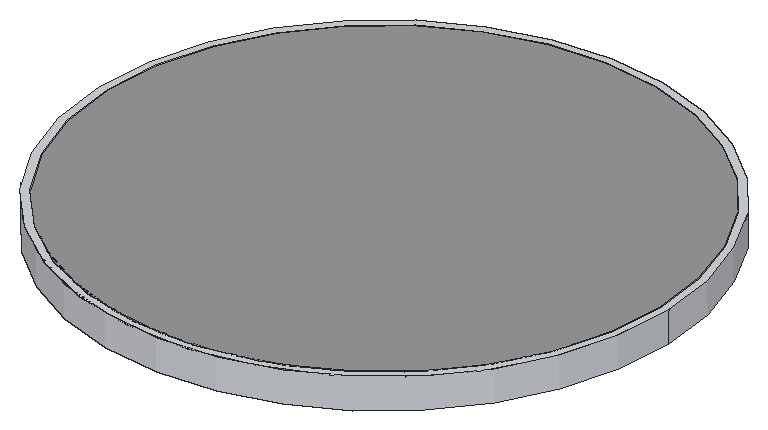
Revit family "2071286", category Lighting Fixtures, host Face, Revit 2018
Family settings
  Host = Face
  Round Connector Dimension = Use Diameter
  Part Type = Junction Box
  OmniClass Number = 23.80.70.00
  OmniClass Title = Lighting
  Cut with Voids When Loaded = No
  Light Source = Yes
  Shared = No
  Room Calculation Point = No
Parameters (values of type "2071286 COLOSSAL 1200 830 PR DIR WHT DALI EM")
  iner diameter = 1168 mm
  Weight = "n/a"
  Wattage Comments = ""
  Wattage = 30 W
  WarrantyStartDate [instance] = "n/a"
  WarrantyGuarantorParts = "n/a"
  WarrantyDurationUnit = "n/a"
  WarrantyDurationParts = ""
  WarrantyDescription = "http://www.sylvania-lighting.com"
  built-in parameter 1150110 = 1 (stored number, unit not read)
  Voltage = 230 V
  URL = "0.95"
  TypeName = "COLOSSAL 1200mm 830 PRISM DIR WHITE DALI EM"
  Type Image = <None>
  Type Comments = "n/a"
  built-in parameter 1114217 = 1 (stored number, unit not read)
  Tilt Angle = -90.00°
  built-in parameter 1150109 = 1 (stored number, unit not read)
  built-in parameter 1150134 = (empty or 0)
  built-in parameter 1150113 = 1 (stored number, unit not read)
  SerialNumber [instance] = "n/a"
  Photometric Web File = "2071286.ies"
  Material_3_SYL = LED-Sylvania
  PowerFactor = 0
  PowerConsumption = "Lighting"
  NominalLength = 1168 mm
  NominalHeight = 93 mm
  NominalDepth = 1168 mm
  Name = "COLOSSAL 1200mm 830 PRISM DIR WHITE DALI EM"
  ModelReference = Name  # "COLOSSAL 1200mm 830 PRISM DIR WHITE DALI EM"
  ModelNumber = "2071286"
  Model = Name  # "COLOSSAL 1200mm 830 PRISM DIR WHITE DALI EM"
  Material = "Feilo Sylvania"
  ManufacturerName = "131 lm/W"
  Manufacturer = ""
  LuminousEfficacy = ""
  built-in parameter 1150105 = 270.44 (stored number, unit not read)
  Lumens = 3398.4 lm
  LuminaireType = "0"
  built-in parameter 1150115 = 1 (stored number, unit not read)
  LightOutputRatio = "LED"
  built-in parameter 1150137 = (empty or 0)
  built-in parameter 1150139 = (empty or 0)
  LampsType = Lamp  # "n/a"
  LampNominalLuminous = "3000 K"
  LampMacAdamStep = "80"
  LampColourTemperature = "LED"
  LampColourRenderingIndex = "16500"
  built-in parameter 1150112 = 1 (stored number, unit not read)
  built-in parameter 1150114 = 1 (stored number, unit not read)
  Lamp = "n/a"
  Keynote = "n/a"
  InstallationDate [instance] = "n/a"
  InputVoltage = "0"
  InputNominalFrequency = "3000"
  built-in parameter 1150132 = (empty or 0)
  built-in parameter 1150102 = (empty or 0)
  built-in parameter 1150107 = 3000 (stored number, unit not read)
  built-in parameter 1150138 = (empty or 0)
  IngressProtection = "IfcLightFixtureType"
  ImpactProtectionIndex = "IfcLightFixtureType"
  built-in parameter 1150106 = 2.7044 (stored number, unit not read)
  IfcExportType = "IfcLightFixtureType"
  IfcExportAs = "Class I"
  Emit from Circle Diameter = 385 mm
  Emit Shape Visible in Rendering = no
  ElectricShockClassification = "131"
  built-in parameter 1150104 = 10.524 (stored number, unit not read)
  DocumentationLiterature = "http://www.sylvania-lighting.com/product/en-int/products/2071286"
  DimmingControlOptions = "n/a"
  Material_2_SYL = Polycarbonate_Sylvania_White
  Dimming Lamp Color Temperature Shift = <None>
  Description = "1200mm diameter circular architectural luminaire, can be surface mounted or suspended. Powder coated aluminium housing (RAL9016) with PMMA prismatic diffuser. Direct light distribution, 15735lm luminuous flux, 120W system power, 131lm/W luminiaire efficacy. DALI dimmable. 3 hours integrated emergency. Colour rendering index Ra >80, 3000K Warm White LED, chromaticity tolerance of 3-step MacAdam ellipse. IP40/IP20, IK03. 350mA drive current. UGR≤19. Electrical protection Class1, 220-240V. Reported lifetime 66k hours L90B10."
  Default Elevation = 1219.2 mm
  CreatedOn = "23/03/2022"
  CreatedBy = "@sylvania-lighting.com"
  Cost = 0
  Color Filter = 16777215
  built-in parameter 1114216 [instance] = (empty or 0)
  ClassificationValue = "EF_70_80"
  ClassificationName = "Uniclass2015"
  Material_1_SYL = Polycarbonate_Sylvania_Opal
  BarCode [instance] = "n/a"
  built-in parameter 1114218 = 1 (stored number, unit not read)
  built-in parameter 1150133 = 10 (stored number, unit not read)
  AssetType = "Fixed"
  AssetIdentifier [instance] = "n/a"
  Assembly Code = "D5020200"
  Apparent Load = 120 VA
  Material_4_SYL = none
Reference planes
  plane 1 "Center (Front/Back)": y = 0
  plane 2: z = 0
  plane 3 "Center (Left/Right)": x = 0
  plane 4: z = 1.161
  plane 5: z = 16.161
  plane 6: y = 584
  plane 7: y = -584
  plane 8: x = 85
  plane 9: x = -85
  plane 10: through (0, 0, 1219.2) normal (0.5, 0.866, 0)
  plane 11: through (42.5, 73.612, 1219.2) normal (0.5, 0.866, 0)
  plane 12: through (-42.5, -73.612, 1219.2) normal (0.5, 0.866, 0)
  plane 13: through (0, 0, 1219.2) normal (0.5, -0.866, 0)
  plane 14: through (-42.5, 73.612, 1219.2) normal (0.5, -0.866, 0)
  plane 15: through (42.5, -73.612, 1219.2) normal (0.5, -0.866, 0)
  plane 16: z = 93
  plane 17: y = 584
  plane 18: y = -584
  plane 19: y = -429
  plane 20: x = -584
  plane 21: x = 584
Forms (mm)
  Extrusion 1, solid, detail levels medium+fine
    sketch origin (0, 0, 0) x (0.866025, -0.5, 0) y (0.5, 0.866025, 0)
      loop
        circle (-50, 86.603) r 22
    from 0 to 2
  Extrusion 2, solid, detail levels medium+fine
    sketch origin (0, 0, 0) x (0.866025, -0.5, 0) y (0.5, 0.866025, 0)
      loop
        circle (100, 0) r 22
      loop
        circle (-50, -86.603) r 22
    from 0 to 2
  Extrusion 3, solid, detail levels medium+fine
    sketch origin (0, 0, 0) x (1, 0, 0) y (0, 1, 0)
      loop
        circle (0, 0) r 584
    from 30 to 93
  Extrusion 4, void
    sketch origin (0, 0, 0) x (1, 0, 0) y (0, 1, 0)
      loop
        circle (0, 0) r 568
    from 96.588 to 37.292
  Extrusion 5, solid, material "Glass, White, High Luminance", detail levels fine
    sketch origin (0, 0, 0) x (1, 0, 0) y (0, 1, 0)
      loop
        circle (0, 0) r 568
    from 88.022 to 93
  Extrusion 6, solid, detail levels coarse
    sketch origin (0, 0, 0) x (1, 0, 0) y (0, 1, 0)
      loop
        line (-584, 584) -> (-584, -584) -> (584, -584) -> (584, 584) -> (-584, 584)
    from 0 to 93
  Blend 7, solid, detail levels medium+fine
    base sketch origin (-10.814, 11.299, 29.922) x (1, 0, 0) y (0, 1, 0)
      loop
        line (-402.654, -330.622) -> (397.346, -330.622) -> (482.346, -183.398) -> (82.346, 509.423) -> (-87.654, 509.423) -> (-487.654, -183.398) -> (-402.654, -330.622)
    top sketch origin (-10.814, 11.299, 29.922) x (1, 0, 0) y (0, 1, 0)
      loop
        line (-363.391, -306.496) -> (364.632, -306.496) -> (449.632, -159.272) -> (87.132, 468.597) -> (-82.868, 468.597) -> (-445.368, -159.272) -> (-363.391, -306.496)
    from 0 to -30
Cuts and joins
  Extrusion 4 cuts Extrusion 1
  Extrusion 4 cuts Extrusion 2
  Extrusion 4 cuts Extrusion 3
Lines and regions (mm)
  model lines, detail levels medium+fine
    curve 1: circle (0, 0, 0) r 155 normal (0, 0, 1)
  reference lines
    curve 2: circle (0, 0, 0) r 489 normal (0, 0, 1)
    curve 3: circle (0, 0, 0) r 521 normal (0, 0, 1)
    curve 4: line (0, 0, 0) -> (606.218, -350, 0)
    curve 5: line (0, 0, 0) -> (0, 825, 0)
    curve 6: line (0, 0, 0) -> (-623.538, -360, 0)
    curve 7: line (639.013, -270.785, 0) -> (85, 49.075, 0)
    curve 8: line (563.718, -423.612, 0) -> (0, -98.15, 0)
    curve 9: line (85, 49.075, 0) -> (85, 825, 0)
    curve 10: line (-85, 49.075, 0) -> (-85, 825, 0)
    curve 11: line (-85, 49.075, 0) -> (-666.038, -286.388, 0)
    curve 12: line (-581.038, -433.612, 0) -> (0, -98.15, 0)
Dimensions and locks
  plane 4 to level = 1.161 mm
  locked: plane 5 to plane 4 at 15
  "NominalDepth": plane 6 to plane 7
  plane 6 to plane 1 "Center (Front/Back)" to plane 7 = 584 mm, 584 mm
  "NominalHeight": level to plane 16
  equal spacing: plane 17, plane 1 "Center (Front/Back)", plane 18
  "NominalLength": plane 20 to plane 21
  equal spacing: plane 20, plane 3 "Center (Left/Right)", plane 21
  aligned and locked: plane 2 to host face
  aligned and locked: level to host face
  aligned and locked: plane 6 to Extrusion 6
Automatic sketch dimensions
  host sketch curve to host sketch curve = 2438.4 mm  (x2)
  Extrusion 1 sketch curve to plane 3 "Center (Left/Right)" = 0 mm
  Extrusion 1 sketch curve to plane 1 "Center (Front/Back)" = 100 mm
  plane 1 "Center (Front/Back)" to Extrusion 2 sketch curve = 50 mm
  Extrusion 2 sketch curve to plane 3 "Center (Left/Right)" = 86.603 mm
  Extrusion 2 sketch curve to Extrusion 2 sketch curve = 150 mm
  Extrusion 2 sketch curve to Extrusion 2 sketch curve = 86.603 mm
  plane 1 "Center (Front/Back)" to curve 1 = 0 mm
  curve 1 to plane 3 "Center (Left/Right)" = 0 mm
  plane 1 "Center (Front/Back)" to Extrusion 3 sketch curve = 0 mm
  Extrusion 3 sketch curve to plane 3 "Center (Left/Right)" = 0 mm
  plane 1 "Center (Front/Back)" to Extrusion 4 sketch curve = 0 mm
  Extrusion 4 sketch curve to plane 3 "Center (Left/Right)" = 0 mm
  plane 1 "Center (Front/Back)" to Extrusion 5 sketch curve = 0 mm
  Extrusion 5 sketch curve to plane 3 "Center (Left/Right)" = 0 mm
  curve 2 to curve 3 = 0 mm  (x2)
  curve 11 to plane 14 = 0 mm
  curve 6 to plane 13 = 0 mm
  curve 12 to plane 15 = 0 mm
  curve 10 to plane 9 = 0 mm
  curve 12 to plane 3 "Center (Left/Right)" = 0 mm
  plane 1 "Center (Front/Back)" to curve 3 = 0 mm
  curve 3 to plane 3 "Center (Left/Right)" = 0 mm
  curve 7 to plane 8 = 0 mm
  curve 11 to plane 10 = 0 mm
  curve 12 to plane 19 = 4.612 mm
  plane 19 to curve 6 = 69 mm
  plane 19 to curve 11 = 142.612 mm
  plane 19 to curve 8 = 5.388 mm
  plane 19 to curve 4 = 79 mm
  plane 19 to curve 7 = 158.215 mm
  plane 6 to curve 5 = 241 mm
  curve 10 to curve 5 = 0 mm
  curve 5 to curve 9 = 0 mm
  plane 1 "Center (Front/Back)" to curve 6 = 0 mm
  curve 6 to plane 3 "Center (Left/Right)" = 0 mm
  Extrusion 6 sketch curve to plane 7 = 0 mm
  Extrusion 6 sketch curve to plane 6 = 0 mm
  Blend 7 sketch curve to plane 6 = 756.098 mm  (x2)
  Blend 7 sketch curve to Blend 7 sketch curve = 85 mm
  plane 3 "Center (Left/Right)" to Blend 7 sketch curve = 386.532 mm
  plane 8 to Blend 7 sketch curve = 386.532 mm
  Blend 7 sketch curve to plane 6 = 63.278 mm
  Blend 7 sketch curve to plane 6 = 731.972 mm  (x2)
  Blend 7 sketch curve to Blend 7 sketch curve = 81.977 mm
  plane 3 "Center (Left/Right)" to Blend 7 sketch curve = 353.818 mm
  plane 8 to Blend 7 sketch curve = 353.818 mm
  Blend 7 sketch curve to plane 6 = 104.104 mm
  plane 12 to curve 8 = 0 mm
  plane 19 to Blend 7 sketch curve = 109.677 mm
  plane 19 to Blend 7 sketch curve = 133.803 mm
  plane 8 to Extrusion 6 sketch curve = 499 mm
  Extrusion 6 sketch curve to plane 9 = 499 mm
  Blend 7 sketch curve to plane 8 = 13.468 mm
  Blend 7 sketch curve to plane 9 = 13.468 mm
  Blend 7 sketch curve to plane 9 = 328.468 mm
  Blend 7 sketch curve to plane 8 = 8.682 mm
  Blend 7 sketch curve to plane 9 = 8.682 mm
  Blend 7 sketch curve to plane 9 = 289.205 mm
  plane 10 to curve 4 = 0 mm
  plane 11 to curve 7 = 0 mm
  curve 12 to plane 12 = 0 mm
  curve 9 to plane 11 = 0 mm
  radius of Extrusion 1 sketch curve = 22 mm
  radius of Extrusion 2 sketch curve = 22 mm  (x2)
  radius of curve 1 = 155 mm
  radius of Extrusion 3 sketch curve = 584 mm
  radius of Extrusion 4 sketch curve = 568 mm
  radius of Extrusion 5 sketch curve = 568 mm
  radius of curve 2 = 489 mm
  radius of curve 3 = 521 mm
Connectors
  electrical at (0, 0, 30)
    settings: on cut or joined group of Extrusion 3, Extrusion 4, index 1, voltage 0 V, apparent load 0 VA, apparent load phase1 0 VA, apparent load phase2 0 VA, apparent load phase3 0 VA, power factor 1, load classification "Other", number of poles 1, system type 31, power factor state 1, is connector primary yes, connector utility no, sub classification motor no, connector description ""
